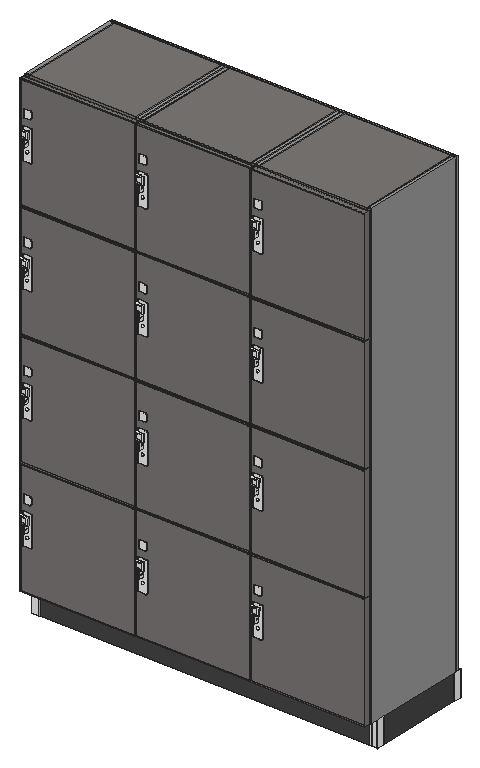
Revit family "Wood_Lockers_Hasps-Salsbury_Industries-18_44000_Series-3_Wide_Units.rfa", category Specialty Equipment, Revit 2016 (continued)
Definition of nested family "Premier Locker Doors_Hasp"
  Lines and regions (in)
    symbolic lines
      curve 20: line (-7.8125, 0.625, 69) -> (-7.8125, 0.625, 68.5)
      curve 21: line (-7.8125, 0.625, 68.5) -> (-7.8125, 0.375, 68.5)
      curve 22: line (-7.8125, 0.375, 3.25) -> (-7.8125, 0.625, 3.25)
      curve 23: line (-7.8125, 0.625, 3.25) -> (-7.8125, 0.625, 2.75)
      curve 24: line (-7.8125, 0.625, 2.75) -> (-7.8125, 0.375, 2.75)
      curve 25: line (-7.8125, 0.375, 36.125) -> (-7.8125, 0.625, 36.125)
      curve 26: line (-7.8125, 0.625, 36.125) -> (-7.8125, 0.625, 35.625)
      curve 27: line (-7.8125, 0.625, 35.625) -> (-7.8125, 0.375, 35.625)
      curve 28: line (-8.5625, -0.375, 71.625) -> (-7.0625, -0.375, 71.625)
      curve 29: line (-8.4375, -1.125, 38.3125) -> (-7.1875, -1.125, 38.3125)
      curve 30: arc (-7.0625, -1.125, 38.1875) -> (-7.09911, -1.125, 38.27589) -> (-7.1875, -1.125, 38.3125) r 0.125
      curve 31: arc (-8.4375, -1.125, 38.3125) -> (-8.52589, -1.125, 38.27589) -> (-8.5625, -1.125, 38.1875) r 0.125
      curve 32: line (-8.5625, -1.125, 33.5625) -> (-8.5625, -1.125, 38.1875)
      curve 33: line (-7.0625, -1.125, 38.1875) -> (-7.0625, -1.125, 33.5625)
      curve 34: arc (-7.1875, -1.125, 33.4375) -> (-7.09911, -1.125, 33.47411) -> (-7.0625, -1.125, 33.5625) r 0.125
      curve 35: arc (-8.5625, -1.125, 33.5625) -> (-8.52589, -1.125, 33.47411) -> (-8.4375, -1.125, 33.4375) r 0.125
      curve 36: line (-7.1875, -1.125, 33.4375) -> (-8.4375, -1.125, 33.4375)
      curve 37: arc (-7.6245, -1.125, 36.6245) -> (-7.8125, -1.125, 36.8125) -> (-8.0005, -1.125, 36.6245) r 0.188
      curve 38: arc (-8.0005, -1.125, 35.7505) -> (-7.8125, -1.125, 35.5625) -> (-7.6245, -1.125, 35.7505) r 0.188
      curve 39: line (-7.6245, -1.125, 36.6245) -> (-7.6245, -1.125, 35.7505)
      curve 40: line (-8.0005, -1.125, 35.7505) -> (-8.0005, -1.125, 36.6245)
      curve 41: line (-7.1875, -1.125, 36.9375) -> (-8.4375, -1.125, 36.9375)
      curve 42: line (-7.1875, -1.125, 38.1875) -> (-7.1875, -1.125, 36.9375)
      curve 43: line (-8.4375, -1.125, 36.9375) -> (-8.4375, -1.125, 38.1875)
      curve 44: line (-8.4375, -1.125, 38.1875) -> (-7.1875, -1.125, 38.1875)
      curve 45: line (-7.8755, -1.125, 36.6844) -> (-7.7495, -1.125, 36.6844)
      curve 46: line (-7.7495, -1.125, 36.6844) -> (-7.7495, -1.125, 35.6844)
      curve 47: line (-7.8755, -1.125, 35.6844) -> (-7.8755, -1.125, 36.6844)
      curve 48: line (-7.7495, -1.125, 35.6844) -> (-7.8755, -1.125, 35.6844)
      curve 49: line (-7.8125, -1, 36.6844) -> (-7.8125, -0.375, 36.6844)
      curve 50: line (-7.8125, -1, 35.6844) -> (-7.8125, -1, 36.6844)
      curve 51: line (-7.8125, -0.375, 35.6844) -> (-7.8125, -1, 35.6844)
      curve 52: arc (-7.8125, -0.91637, 36.1844) -> (-7.8125, -0.66637, 36.4344) -> (-7.8125, -0.41637, 36.1844) r 0.25
      curve 53: arc (-7.8125, -0.41637, 36.1844) -> (-7.8125, -0.66637, 35.9344) -> (-7.8125, -0.91637, 36.1844) r 0.25
      curve 54: line (-7.8125, -0.375, 37.31817) -> (-7.8125, -0.61642, 37.31817)
      curve 55: arc (-7.8125, -0.77297, 37.19215) -> (-7.8125, -0.71691, 37.28275) -> (-7.8125, -0.61642, 37.31817) r 0.16024
      curve 56: arc (-7.8125, -0.97289, 36.9375) -> (-7.8125, -0.84441, 37.04244) -> (-7.8125, -0.77297, 37.19215) r 0.37946
      curve 57: spline (-7.8125, -1.121, 37.15954) -> (-7.8125, -1.11621, 37.12873) -> (-7.8125, -1.10963, 37.09911) -> (-7.8125, -1.10135, 37.07107) -> (-7.8125, -1.09147, 37.04495) -> (-7.8125, -1.0801, 37.02108) -> (-7.8125, -1.0674, 36.99975) -> (-7.8125, -1.05352, 36.98123) -> (-7.8125, -1.03864, 36.96575) -> (-7.8125, -1.02293, 36.95351) -> (-7.8125, -1.0066, 36.94465) -> (-7.8125, -0.98985, 36.93929) -> (-7.8125, -0.97289, 36.9375)
      curve 58: line (-7.8125, -1.125, 37.15954) -> (-7.8125, -1.125, 37.96546)
      curve 59: spline (-7.8125, -1.121, 37.96546) -> (-7.8125, -1.11621, 37.99627) -> (-7.8125, -1.10963, 38.02589) -> (-7.8125, -1.10135, 38.05393) -> (-7.8125, -1.09147, 38.08005) -> (-7.8125, -1.0801, 38.10392) -> (-7.8125, -1.0674, 38.12525) -> (-7.8125, -1.05352, 38.14377) -> (-7.8125, -1.03864, 38.15925) -> (-7.8125, -1.02293, 38.17149) -> (-7.8125, -1.0066, 38.18035) -> (-7.8125, -0.98985, 38.18571) -> (-7.8125, -0.97289, 38.1875)
      curve 60: arc (-7.8125, -0.97289, 38.1875) -> (-7.8125, -0.84441, 38.08256) -> (-7.8125, -0.77297, 37.93285) r 0.37946
      curve 61: arc (-7.8125, -0.77297, 37.93285) -> (-7.8125, -0.71691, 37.84225) -> (-7.8125, -0.61642, 37.80683) r 0.16024
      curve 62: line (-7.8125, -0.61642, 37.80683) -> (-7.8125, -0.375, 37.80683)
      curve 63: line (-8.05683, -0.61642, 71.625) -> (-8.05683, -0.375, 71.625)
      curve 64: arc (-8.18285, -0.77297, 71.625) -> (-8.09225, -0.71691, 71.625) -> (-8.05683, -0.61642, 71.625) r 0.16024
      curve 65: arc (-8.4375, -0.97289, 71.625) -> (-8.33256, -0.84441, 71.625) -> (-8.18285, -0.77297, 71.625) r 0.37946
      curve 66: line (-7.40954, -1.125, 71.625) -> (-8.21546, -1.125, 71.625)
      curve 67: spline (-7.40954, -1.121, 71.625) -> (-7.37873, -1.11621, 71.625) -> (-7.34911, -1.10963, 71.625) -> (-7.32107, -1.10135, 71.625) -> (-7.29495, -1.09147, 71.625) -> (-7.27108, -1.0801, 71.625) -> (-7.24975, -1.0674, 71.625) -> (-7.23123, -1.05352, 71.625) -> (-7.21575, -1.03864, 71.625) -> (-7.20351, -1.02293, 71.625) -> (-7.19465, -1.0066, 71.625) -> (-7.18929, -0.98985, 71.625) -> (-7.1875, -0.97289, 71.625)
      curve 68: arc (-7.1875, -0.97289, 71.625) -> (-7.29244, -0.84441, 71.625) -> (-7.44215, -0.77297, 71.625) r 0.37946
      curve 69: arc (-7.44215, -0.77297, 71.625) -> (-7.53275, -0.71691, 71.625) -> (-7.56817, -0.61642, 71.625) r 0.16024
      curve 70: line (-7.56817, -0.375, 71.625) -> (-7.56817, -0.61642, 71.625)
      curve 71: spline (-8.21546, -1.121, 71.625) -> (-8.24627, -1.11621, 71.625) -> (-8.27589, -1.10963, 71.625) -> (-8.30393, -1.10135, 71.625) -> (-8.33005, -1.09147, 71.625) -> (-8.35392, -1.0801, 71.625) -> (-8.37525, -1.0674, 71.625) -> (-8.39377, -1.05352, 71.625) -> (-8.40925, -1.03864, 71.625) -> (-8.42149, -1.02293, 71.625) -> (-8.43035, -1.0066, 71.625) -> (-8.43571, -0.98985, 71.625) -> (-8.4375, -0.97289, 71.625)
    reference lines
      curve 72: line (-8.9375, 0, 71.75) -> (8.3435, 0, 71.75)
      curve 73: line (8.3435, 0, 71.75) -> (-8.9375, 0, 71.75)
  Dimensions and locks (in)
    equal spacing: plane 4 "Left Side of Door", plane 3 "Center (Left/Right)", plane 5 "Right Side of Door"
    "Width": plane 4 "Left Side of Door" to plane 5 "Right Side of Door"
    equal spacing: plane 7 "Front of Door", plane 1 "Center (Front/Back)", plane 6 "Back of Door"
    "Depth": plane 7 "Front of Door" to plane 6 "Back of Door"
    equal spacing: plane 9 "Top of Door", plane 10 "Center of Door", plane 8 "Bottom of Door"
    "Height": plane 9 "Top of Door" to plane 8 "Bottom of Door"
    equal spacing: plane 11 "Top of Number Tag", plane 16 "Center of Number Tag", plane 12 "Bottom of Number Tag"
    "Number Tag Height": plane 11 "Top of Number Tag" to plane 12 "Bottom of Number Tag"
    equal spacing: plane 14 "Right Side of Number Tag", plane 15 "Horizontal Center of Number Tag", plane 13 "Left Side of Number Tag"
    "Number Tag Width": plane 14 "Right Side of Number Tag" to plane 13 "Left Side of Number Tag"
    "Number Tag-Horizontal Offset": plane 15 "Horizontal Center of Number Tag" to plane 5 "Right Side of Door"
    "Number Tag-Vertical Offset": plane 9 "Top of Door" to plane 16 "Center of Number Tag"
    "Lock Horizontal Offset": plane 4 "Left Side of Door" to plane 17 "Left Side of Lock"
    equal spacing: plane 20 "Top of Lock", plane 19 "Lock Vertical Center", plane 21 "Bottom of Lock"
    "Lock Height": plane 20 "Top of Lock" to plane 21 "Bottom of Lock"
    "Lock Vertical Offset": plane 9 "Top of Door" to plane 19 "Lock Vertical Center"
    plane 22 "Front of Hasp Stud" to plane 7 "Front of Door" = 0.125"
    locked: plane 24 "Right Side of Door-Left Side of Trim" to plane 5 "Right Side of Door" at 0.125
    locked: plane 4 "Left Side of Door" to plane 23 "Left Side of Door-Right Side of Trim" at 0.125
    locked: plane 9 "Top of Door" to plane 25 "Top of Door-Bottom of Trim" at 0.125
    plane 26 "Bottom of Door-Top of Trim" to plane 8 "Bottom of Door" = 0.125"
    plane 28 "Melamine-Particleboard Line" to plane 6 "Back of Door" = 0.031"
    plane 7 "Front of Door" to plane 27 "Laminate-Particleboard Line" = 0.031"
    plane 27 "Laminate-Particleboard Line" to plane 29 "Back of Number Plate Inset" = 0.031"
    equal spacing: plane 18 "Right Side of Lock", plane 30 "Center of Lock", plane 17 "Left Side of Lock", locked at 0.75 each
    "Lock Width": plane 18 "Right Side of Lock" to plane 17 "Left Side of Lock"
    plane 22 "Front of Hasp Stud" to plane 31 = 0.312"
    plane 6 "Back of Door" to plane 32 "Door Stopper Plane" = 0.250"
    locked: plane 23 "Left Side of Door-Right Side of Trim" to plane 33 at 0.325
    locked: plane 25 "Top of Door-Bottom of Trim" to plane 34 at 0.325
    locked: plane 9 "Top of Door" to plane 35 "Top Hinge" at 3
    plane 36 to plane 5 "Right Side of Door" = 0.625"
    plane 6 "Back of Door" to plane 28 "Melamine-Particleboard Line" = 0.031"
    plane 9 "Top of Door" to plane 25 "Top of Door-Bottom of Trim" = 0.125"
    plane 7 "Front of Door" to plane 38 "Inner Knob" = 0.719"
    locked: plane 38 "Inner Knob" to plane 39 "Front of Knob" at 0.031
    locked: plane 40 to plane 20 "Top of Lock" at 1.125
    locked: plane 21 "Bottom of Lock" to plane 41 at 1.125
    locked: plane 20 "Top of Lock" to plane 42 at 0.125
    locked: plane 18 "Right Side of Lock" to plane 43 at 0.125
    locked: plane 44 to plane 17 "Left Side of Lock" at 0.125
    plane 42 to plane 45 = 1.250"
    locked: plane 45 to plane 46 "Top of Hole" at 0.125
    plane 48 to plane 30 "Center of Lock" to plane 47 = 0.188" locked, 0.188" locked
    locked: plane 46 "Top of Hole" to plane 49 "Bottom of Hole" at 1.25
    plane 49 "Bottom of Hole" to plane 50 "Stud Alignment" = 0.750"
    locked: plane 42 to plane 51 "Center of Handle" at 0.625
    plane 52 to plane 51 "Center of Handle" to plane 53 = 0.188" locked, 0.188" locked
    plane 7 "Front of Door" to plane 39 "Front of Knob" = 0.750"
    locked: plane 42 to plane 54 at 0.22204
    locked: plane 55 to plane 45 at 0.22204
    locked: plane 7 "Front of Door" to plane 56 "Front of Latch" at 0.625
    locked: plane 57 to plane 58 at 1
    locked: plane 46 "Top of Hole" to plane 57 at 0.1281
    equal spacing: plane 58, plane 59, plane 57
    locked: plane 60 to plane 5 "Right Side of Door" at 0.594
    locked: plane 57 to plane 61 at 0.0599
    locked: plane 62 to plane 58 at 0.06376
    plane 12 "Bottom of Number Tag" to plane 20 "Top of Lock" = 1.1875"
    aligned and locked: level to plane 2
    aligned and locked: Extrusion 5 to plane 11 "Top of Number Tag"
    aligned and locked: plane 12 "Bottom of Number Tag" to Extrusion 5
    aligned and locked: Extrusion 5 to plane 14 "Right Side of Number Tag"
    aligned and locked: Extrusion 5 to plane 13 "Left Side of Number Tag"
    aligned and locked: plane 29 "Back of Number Plate Inset" to Extrusion 5
    aligned and locked: plane 7 "Front of Door" to Extrusion 5
    aligned and locked: plane 29 "Back of Number Plate Inset" to Extrusion 6
    aligned and locked: plane 7 "Front of Door" to Extrusion 6
    aligned and locked: Extrusion 6 to plane 14 "Right Side of Number Tag"
    aligned and locked: Extrusion 6 to plane 13 "Left Side of Number Tag"
    aligned and locked: Extrusion 6 to plane 11 "Top of Number Tag"
    aligned and locked: plane 12 "Bottom of Number Tag" to Extrusion 6
    aligned and locked: curve 9 to Extrusion 8
    aligned and locked: curve 10 to Extrusion 8
    aligned and locked: curve 11 to Extrusion 8
    aligned and locked: Extrusion 7 to curve 12
    aligned and locked: curve 14 to Extrusion 7
    aligned and locked: curve 16 to plane 7 "Front of Door"
    aligned and locked: curve 19 to Extrusion 8  (x2)
    aligned and locked: curve 21 to Extrusion 8
    aligned and locked: curve 18 to curve 22
    aligned and locked: curve 22 to Extrusion 9  (x2)
    aligned and locked: curve 24 to Extrusion 9
    aligned and locked: curve 25 to Extrusion 10
    aligned and locked: curve 26 to Extrusion 10
    aligned and locked: curve 27 to Extrusion 10
    aligned and locked: plane 20 "Top of Lock" to Extrusion 11 sketch curve
    aligned and locked: Extrusion 11 sketch curve to plane 21 "Bottom of Lock"
    aligned and locked: Extrusion 11 to plane 29 "Back of Number Plate Inset"
    aligned and locked: plane 7 "Front of Door" to Extrusion 11
    aligned and locked: Extrusion 3 to Extrusion 11
    aligned and locked: Sweep 14 to plane 50 "Stud Alignment"  (x2)
    aligned and locked: Extrusion 15 to plane 7 "Front of Door"
    aligned and locked: Extrusion 15 to plane 22 "Front of Hasp Stud"
    aligned and locked: Extrusion 15 to plane 50 "Stud Alignment"
    aligned and locked: Blend 17 to plane 39 "Front of Knob"
    aligned and locked: plane 38 "Inner Knob" to Blend 17
    aligned and locked: plane 6 "Back of Door" to Extrusion 18 sketch curve
    aligned and locked: plane 56 "Front of Latch" to Extrusion 18 sketch curve
    aligned and locked: Extrusion 18 to plane 57
    aligned and locked: plane 58 to Extrusion 18
    aligned and locked: plane 59 to cut or joined group of Extrusion 18, Extrusion 19
    aligned and locked: Extrusion 13 sketch curve to plane 61  (x2)
    aligned and locked: Extrusion 13 sketch curve to plane 62  (x2)
  Automatic sketch dimensions
    Extrusion 1 sketch curve to plane 4 "Left Side of Door" = 0.031"
    plane 5 "Right Side of Door" to Extrusion 1 sketch curve = 0.031"
    level to Extrusion 1 sketch curve = 0.031"
    plane 9 "Top of Door" to Extrusion 1 sketch curve = 0.031"
    Extrusion 2 sketch curve to plane 4 "Left Side of Door" = 0.031"
    plane 5 "Right Side of Door" to Extrusion 2 sketch curve = 0.031"
    level to Extrusion 2 sketch curve = 0.031"
    plane 9 "Top of Door" to Extrusion 2 sketch curve = 0.031"
    Extrusion 3 sketch curve to plane 4 "Left Side of Door" = 0.031"
    plane 5 "Right Side of Door" to Extrusion 3 sketch curve = 0.031"
    level to Extrusion 3 sketch curve = 0.031"
    plane 9 "Top of Door" to Extrusion 3 sketch curve = 0.031"
    plane 23 "Left Side of Door-Right Side of Trim" to Sweep 4 sketch curve = 0.000"
    plane 24 "Right Side of Door-Left Side of Trim" to Sweep 4 sketch curve = 0.000"  (x2)
    Sweep 4 sketch curve to plane 26 "Bottom of Door-Top of Trim" = 0.000"
    Sweep 4 sketch curve to plane 25 "Top of Door-Bottom of Trim" = 0.000"
    profile plane to Sweep 4 sketch curve = 0.125"
    Sweep 4 sketch curve to Sweep 4 sketch curve = 0.031"
    Sweep 4 sketch curve to plane 1 "Center (Front/Back)" = 0.375"
    plane 1 "Center (Front/Back)" to Sweep 4 sketch curve = 0.375"
    Extrusion 7 sketch curve to plane 33 = 0.000"
    Extrusion 7 sketch curve to plane 34 = 0.000"
    plane 36 to Extrusion 8 sketch curve = 0.000"
    Extrusion 8 sketch curve to Extrusion 8 sketch curve = 0.500"
    plane 35 "Top Hinge" to Extrusion 8 sketch curve = 0.250"
    Extrusion 8 sketch curve to plane 35 "Top Hinge" = 0.250"
    plane 36 to Extrusion 9 sketch curve = 0.000"
    Extrusion 9 sketch curve to Extrusion 9 sketch curve = 0.500"
    plane 37 "Bottom Hinge" to Extrusion 9 sketch curve = 0.250"
    Extrusion 9 sketch curve to plane 37 "Bottom Hinge" = 0.250"
    plane 36 to Extrusion 10 sketch curve = 0.000"
    Extrusion 10 sketch curve to Extrusion 10 sketch curve = 0.500"
    curve 4 to level = 0.000"
    plane 4 "Left Side of Door" to curve 4 = 0.000"
    plane 5 "Right Side of Door" to curve 3 = 0.000"
    curve 3 to plane 9 "Top of Door" = 0.000"
    Extrusion 5 sketch curve to plane 13 "Left Side of Number Tag" = 0.000"
    Extrusion 5 sketch curve to plane 12 "Bottom of Number Tag" = 0.000"
    Extrusion 5 sketch curve to plane 11 "Top of Number Tag" = 0.000"
    Extrusion 5 sketch curve to plane 14 "Right Side of Number Tag" = 0.000"
    Extrusion 6 sketch curve to plane 13 "Left Side of Number Tag" = 0.000"
    Extrusion 6 sketch curve to plane 12 "Bottom of Number Tag" = 0.000"
    Extrusion 6 sketch curve to plane 11 "Top of Number Tag" = 0.000"
    Extrusion 6 sketch curve to plane 14 "Right Side of Number Tag" = 0.000"
    Extrusion 11 sketch curve to plane 13 "Left Side of Number Tag" = 0.125"
    Extrusion 10 sketch curve to plane 10 "Center of Door" = 0.250"
    plane 10 "Center of Door" to Extrusion 10 sketch curve = 0.250"
    Extrusion 11 sketch curve to plane 21 "Bottom of Lock" = 0.125"
    plane 13 "Left Side of Number Tag" to Extrusion 5 sketch curve = 0.14916"
    Extrusion 5 sketch curve to Extrusion 5 sketch curve = 0.14916"  (x2)
    plane 13 "Left Side of Number Tag" to Extrusion 6 sketch curve = 0.14916"
    Extrusion 6 sketch curve to plane 12 "Bottom of Number Tag" = 0.14916"
    plane 13 "Left Side of Number Tag" to Extrusion 11 sketch curve = 0.000"  (x2)
    Extrusion 5 sketch curve to plane 12 "Bottom of Number Tag" = 0.14916"
    Extrusion 6 sketch curve to plane 14 "Right Side of Number Tag" = 0.14916"  (x2)
    plane 14 "Right Side of Number Tag" to Extrusion 11 sketch curve = 0.000"  (x2)
    Extrusion 12 sketch curve to plane 17 "Left Side of Lock" = 0.000"
    plane 13 "Left Side of Number Tag" to Extrusion 12 sketch curve = 0.000"  (x2)
    plane 14 "Right Side of Number Tag" to Extrusion 12 sketch curve = 0.000"  (x2)
    Extrusion 12 sketch curve to plane 20 "Top of Lock" = 0.000"
    Extrusion 12 sketch curve to plane 18 "Right Side of Lock" = 0.000"
    Extrusion 12 sketch curve to plane 21 "Bottom of Lock" = 0.125"
    plane 15 "Horizontal Center of Number Tag" to Sweep 14 sketch curve = 0.000"
    Sweep 14 sketch curve to plane 50 "Stud Alignment" = 0.000"
    Sweep 14 sketch curve to plane 7 "Front of Door" = 0.000"
    Sweep 14 sketch curve to profile plane = 0.000"
    profile plane to Sweep 14 sketch curve = 0.00168"
    profile plane to Sweep 14 sketch curve = 0.156"
    Sweep 14 sketch curve to plane 7 "Front of Door" = 0.03275"
    Extrusion 15 sketch curve to Extrusion 15 sketch curve = 0.000"  (x2)
    Extrusion 15 sketch curve to plane 50 "Stud Alignment" = 0.000"
    plane 15 "Horizontal Center of Number Tag" to Extrusion 15 sketch curve = 0.000"
    plane 15 "Horizontal Center of Number Tag" to Extrusion 15 sketch curve = 0.010"
    plane 13 "Left Side of Number Tag" to Sweep 16 sketch curve = 0.000"
    plane 14 "Right Side of Number Tag" to Sweep 16 sketch curve = 0.000"
    Sweep 16 sketch curve to plane 45 = 0.000"
    Sweep 16 sketch curve to plane 42 = 0.000"
    Sweep 16 sketch curve to plane 7 "Front of Door" = 0.000"
    profile plane to Sweep 16 sketch curve = 0.000"
    profile plane to Sweep 16 sketch curve = 0.22043"
    Sweep 16 sketch curve to Sweep 16 sketch curve = 0.01681"
    profile plane to Sweep 16 sketch curve = 0.33926"
    Sweep 16 sketch curve to Sweep 16 sketch curve = 0.14344"
    Sweep 16 sketch curve to Sweep 16 sketch curve = 0.15329"
    Sweep 16 sketch curve to Sweep 16 sketch curve = 0.59563"
    Sweep 16 sketch curve to Sweep 16 sketch curve = 0.24142"
    Sweep 16 sketch curve to Sweep 16 sketch curve = 0.00858"
    Sweep 16 sketch curve to Sweep 16 sketch curve = 0.51788"
    Sweep 16 sketch curve to Sweep 16 sketch curve = 0.31119"
    Sweep 16 sketch curve to Sweep 16 sketch curve = 0.11721"
    Sweep 16 sketch curve to Sweep 16 sketch curve = 0.01742"
    Sweep 16 sketch curve to Sweep 16 sketch curve = 0.06553"
    Sweep 16 sketch curve to Sweep 16 sketch curve = 0.000"
    Blend 17 sketch curve to plane 54 = 0.000"
    Blend 17 sketch curve to plane 55 = 0.000"
    Blend 17 sketch curve to plane 47 = 0.21496"
    plane 48 to Blend 17 sketch curve = 0.21496"
    plane 54 to Blend 17 sketch curve = 0.03267"
    Blend 17 sketch curve to plane 40 = 0.00461"
    Blend 17 sketch curve to plane 47 = 0.18235"
    plane 48 to Blend 17 sketch curve = 0.18227"
    Extrusion 18 sketch curve to plane 57 = 0.000"
    Extrusion 18 sketch curve to plane 58 = 0.000"
    plane 59 to Extrusion 19 sketch curve = 0.000"
    Extrusion 19 sketch curve to plane 22 "Front of Hasp Stud" = 0.16637"
    curve 29 to plane 14 "Right Side of Number Tag" = 0.000"
    curve 29 to plane 20 "Top of Lock" = 0.000"
    curve 30 to plane 18 "Right Side of Lock" = 0.000"
    curve 29 to plane 13 "Left Side of Number Tag" = 0.000"
    curve 31 to plane 42 = 0.000"
    curve 32 to plane 21 "Bottom of Lock" = 0.125"
    curve 34 to plane 14 "Right Side of Number Tag" = 0.000"
    curve 35 to plane 13 "Left Side of Number Tag" = 0.000"
    plane 15 "Horizontal Center of Number Tag" to curve 37 = 0.000"
    plane 47 to curve 37 = 0.000"
    plane 57 to curve 37 = 0.0599"
    curve 39 to plane 58 = 0.0661"
    curve 42 to plane 14 "Right Side of Number Tag" = 0.000"
    curve 41 to plane 13 "Left Side of Number Tag" = 0.000"
    curve 41 to plane 45 = 0.000"
    curve 43 to plane 42 = 0.000"
    curve 46 to plane 57 = 0.000"
    curve 46 to plane 15 "Horizontal Center of Number Tag" = 0.063"
    plane 15 "Horizontal Center of Number Tag" to curve 45 = 0.063"
    curve 47 to plane 58 = 0.000"
    curve 15 to plane 6 "Back of Door" = 0.000"
    plane 9 "Top of Door" to curve 15 = 0.000"
    plane 57 to curve 49 = 0.000"
    curve 51 to plane 56 "Front of Latch" = 0.000"
    plane 58 to curve 51 = 0.000"
    curve 17 to level = 0.000"
    plane 59 to curve 52 = 0.000"
    curve 53 to plane 22 "Front of Hasp Stud" = 0.16637"
    plane 7 "Front of Door" to curve 53 = 0.04137"
    plane 53 to curve 54 = 0.05633"
    curve 54 to plane 22 "Front of Hasp Stud" = 0.11642"
    plane 55 to curve 55 = 0.00161"
    curve 55 to plane 40 = 0.00465"
    plane 45 to curve 56 = 0.000"
    curve 56 to plane 39 "Front of Knob" = 0.01788"
    curve 56 to plane 40 = 0.08926"
    plane 55 to curve 57 = 0.000"
    curve 57 to plane 40 = 0.03757"
    plane 39 "Front of Knob" to curve 57 = 0.004"
    plane 42 to curve 60 = 0.000"
    curve 58 to plane 39 "Front of Knob" = 0.000"
    plane 54 to curve 58 = 0.000"
    plane 54 to curve 59 = 0.000"
    plane 55 to curve 58 = 0.000"
    curve 60 to plane 39 "Front of Knob" = 0.01788"
    curve 60 to plane 52 = 0.09774"
    plane 54 to curve 60 = 0.03261"
    plane 56 "Front of Latch" to curve 59 = 0.02711"
    plane 54 to curve 59 = 0.06553"
    plane 39 "Front of Knob" to curve 59 = 0.004"
    curve 61 to plane 54 = 0.00161"
    curve 61 to plane 22 "Front of Hasp Stud" = 0.11642"
    plane 6 "Back of Door" to curve 9 = 0.000"
    curve 6 to plane 4 "Left Side of Door" = 0.000"
    plane 7 "Front of Door" to curve 6 = 0.000"
    plane 7 "Front of Door" to curve 28 = 0.000"
    curve 67 to plane 14 "Right Side of Number Tag" = 0.000"
    curve 65 to plane 13 "Left Side of Number Tag" = 0.000"
    curve 66 to plane 39 "Front of Knob" = 0.000"
    curve 28 to plane 17 "Left Side of Lock" = 0.000"
    curve 28 to plane 18 "Right Side of Lock" = 0.000"
    curve 8 to plane 5 "Right Side of Door" = 0.000"
    curve 64 to plane 22 "Front of Hasp Stud" = 0.11642"
    curve 69 to plane 22 "Front of Hasp Stud" = 0.11642"
    curve 68 to plane 39 "Front of Knob" = 0.01788"
    curve 65 to plane 39 "Front of Knob" = 0.01788"
    curve 14 to plane 23 "Left Side of Door-Right Side of Trim" = 0.07537"
    plane 48 to curve 64 = 0.21657"
    plane 48 to curve 65 = 0.09774"
    plane 48 to curve 63 = 0.05633"
    curve 70 to plane 47 = 0.05633"
    curve 68 to plane 47 = 0.09774"
    curve 69 to curve 69 = 0.16024"
    curve 64 to curve 65 = 0.15655"
    curve 69 to curve 68 = 0.15655"
    plane 39 "Front of Knob" to curve 67 = 0.004"
    plane 33 to curve 14 = 0.250"
    curve 66 to curve 65 = 0.11721"
    curve 67 to plane 47 = 0.14943"
    curve 68 to curve 66 = 0.11721"
    curve 67 to curve 66 = 0.000"
    plane 39 "Front of Knob" to curve 71 = 0.004"
    curve 71 to curve 66 = 0.000"
    plane 48 to curve 71 = 0.14943"
    plane 1 "Center (Front/Back)" to curve 73 = 0.000"
    curve 73 to plane 4 "Left Side of Door" = 0.000"
    curve 73 to plane 60 = 0.000"
    plane 48 to Extrusion 13 sketch curve = 0.000"
    plane 15 "Horizontal Center of Number Tag" to Extrusion 13 sketch curve = 0.000"
    radius of Extrusion 7 sketch curve = 0.250"
    radius of Sweep 14 sketch curve = 0.010"
    radius of Extrusion 19 sketch curve = 0.250"
Definition of nested family "Wood Locker Bases"
  Parameters (values of type "Base - 18" W x 18" D Lockers")
    Width = 18.000"
    Visible Base = yes
    Visible = no
    Model = "Base - 18\" W x 18\" D Lockers"
    Manufacturer = "Salsbury Industries"
    Height = 4.000"
    Depth = 16.250"
    Base Secondary Material = none
    Base Primary Materials = none
    Base Hardware = none
  Types (8): name | Width | Visible Base | Visible | Model | Depth
    (no name) | 18.000" | yes | no | "Base - 18\" W x 18\" D Lockers" | 16.250"
    Base - 18" W x 18" D Lockers | 18.000" | yes | no | "Base - 18\" W x 18\" D Lockers" | 16.250"
    Base - 18" W x 21" D Lockers | 18.000" | yes | no | "Base - 18\" W x 21\" D Lockers" | 19.250"
    Base - 18" W x 24" D Lockers | 18.000" | yes | no | "Base - 18\" W x 24\" D Lockers" | 22.250"
    Base - 54" W x 18" D Lockers | 54.000" | yes | yes | "Base - 54\" W x 18\" D Lockers" | 16.250"
    Base - 54" W x 21" D Lockers | 54.000" | yes | yes | "Base - 54\" W x 21\" D Lockers" | 19.250"
    Base - 54" W x 24" D Lockers | 54.000" | yes | yes | "Base - 54\" W x 24\" D Lockers" | 22.250"
    None | 12.000" | no | no | "Base - 12\" W x 15\" D Lockers" | 13.250"
  Reference planes (in)
    plane 1 "Center (Front/Back)": y = 0
    plane 2: z = 0
    plane 3 "Center (Left/Right)": x = 0
    plane 4 "Left Edge": x = -9
    plane 5 "Right Edge": x = 9
    plane 6 "Back Edge": y = 8.125
    plane 7 "Front Edge": y = -8.125
    plane 8 "Bottom Edge": z = 0
    plane 9 "Top Edge": z = 4
    plane 10: x = -7.75
    plane 11: x = -7.102
    plane 12: y = 8.062
    plane 13: y = 7.3
    plane 14: x = -8.131
    plane 15: x = -8.256
    plane 16: x = -8.937
    plane 17: x = -8.175
    plane 18: y = 6.227
    plane 19: y = 6.875
    plane 20: y = 7.256
    plane 21: y = 7.381
    plane 22: x = -8.931
    plane 23: x = 8.931
    plane 24: y = 8.056
    plane 25: y = -8.056
    plane 26: y = 8.025
    plane 27: y = -8.025
    plane 28: x = -8.9
    plane 29: x = 8.9
    plane 30: x = -2.375
    plane 31: x = 2.375
  Forms (in)
    Extrusion 1, solid, material <- "Base Hardware", visible <- "Visible Base"
      sketch origin (0, 0, 0) x (1, 0, 0) y (0, 1, 0)
        loop
          arc (-8.96712, 8.125) -> (-8.99098, 8.11598) -> (-9, 8.09212) r 0.031
          line (-9, 8.09212) -> (-9, 6.9065)
          arc (-9, 6.9065) -> (-8.9685, 6.875) -> (-8.937, 6.9065) r 0.0315
          line (-8.937, 6.9065) -> (-8.937, 7.256) -> (-8.837, 7.256) -> (-8.837, 7.319) -> (-8.937, 7.319) -> (-8.937, 8.01465) -> (-8.256, 7.33365) -> (-8.256, 7.256) -> (-8.175, 7.256) -> (-8.175, 6.25833)
          arc (-8.175, 6.25833) -> (-8.14367, 6.227) -> (-8.11235, 6.25833) r 0.03133
          line (-8.11235, 6.25833) -> (-8.11235, 7.23703) -> (-7.13348, 7.23703)
          arc (-7.13348, 7.23703) -> (-7.102, 7.26852) -> (-7.13348, 7.3) r 0.03148
          line (-7.13348, 7.3) -> (-8.131, 7.3) -> (-8.131, 7.381) -> (-8.21422, 7.381) -> (-8.89522, 8.062) -> (-8.194, 8.062) -> (-8.194, 7.962) -> (-8.131, 7.962) -> (-8.131, 8.062) -> (-7.7814, 8.062)
          arc (-7.7814, 8.062) -> (-7.7499, 8.0935) -> (-7.7814, 8.125) r 0.0315
          line (-7.7814, 8.125) -> (-8.96712, 8.125)
      from 0 to 4
    Extrusion 2, solid, material <- "Base Hardware", visible <- "Visible Base"
      sketch origin (0, 0, 0) x (-1, 0, 0) y (0, -1, 0)
        loop
          line (-8.96712, -8.125) -> (-7.7814, -8.125)
          arc (-7.7814, -8.125) -> (-7.7499, -8.0935) -> (-7.7814, -8.062) r 0.0315
          line (-7.7814, -8.062) -> (-8.131, -8.062) -> (-8.131, -7.962) -> (-8.194, -7.962) -> (-8.194, -8.062) -> (-8.89522, -8.062) -> (-8.21422, -7.381) -> (-8.131, -7.381) -> (-8.131, -7.3) -> (-7.13348, -7.3)
          arc (-7.13348, -7.3) -> (-7.102, -7.26852) -> (-7.13348, -7.23703) r 0.03148
          line (-7.13348, -7.23703) -> (-8.11235, -7.23703) -> (-8.11235, -6.25833)
          arc (-8.11235, -6.25833) -> (-8.14367, -6.227) -> (-8.175, -6.25833) r 0.03133
          line (-8.175, -6.25833) -> (-8.175, -7.256) -> (-8.256, -7.256) -> (-8.256, -7.33365) -> (-8.937, -8.01465) -> (-8.937, -7.319) -> (-8.837, -7.319) -> (-8.837, -7.256) -> (-8.937, -7.256) -> (-8.937, -6.9065)
          arc (-8.937, -6.9065) -> (-8.9685, -6.875) -> (-9, -6.9065) r 0.0315
          line (-9, -6.9065) -> (-9, -8.09212)
          arc (-9, -8.09212) -> (-8.99098, -8.11598) -> (-8.96712, -8.125) r 0.031
      from 0 to 4
    Extrusion 3, solid, material <- "Base Hardware", visible <- "Visible Base"
      sketch origin (0, 0, 0) x (1, 0, 0) y (0, 1, 0)
        loop
          line (-8.96712, -8.125) -> (-7.7814, -8.125)
          arc (-7.7814, -8.125) -> (-7.7499, -8.0935) -> (-7.7814, -8.062) r 0.0315
          line (-7.7814, -8.062) -> (-8.131, -8.062) -> (-8.131, -7.962) -> (-8.194, -7.962) -> (-8.194, -8.062) -> (-8.89522, -8.062) -> (-8.21422, -7.381) -> (-8.131, -7.381) -> (-8.131, -7.3) -> (-7.13348, -7.3)
          arc (-7.13348, -7.3) -> (-7.102, -7.26852) -> (-7.13348, -7.23703) r 0.03148
          line (-7.13348, -7.23703) -> (-8.11235, -7.23703) -> (-8.11235, -6.25833)
          arc (-8.11235, -6.25833) -> (-8.14367, -6.227) -> (-8.175, -6.25833) r 0.03133
          line (-8.175, -6.25833) -> (-8.175, -7.256) -> (-8.256, -7.256) -> (-8.256, -7.33365) -> (-8.937, -8.01465) -> (-8.937, -7.319) -> (-8.837, -7.319) -> (-8.837, -7.256) -> (-8.937, -7.256) -> (-8.937, -6.9065)
          arc (-8.937, -6.9065) -> (-8.9685, -6.875) -> (-9, -6.9065) r 0.0315
          line (-9, -6.9065) -> (-9, -8.09212)
          arc (-9, -8.09212) -> (-8.99098, -8.11598) -> (-8.96712, -8.125) r 0.031
      from 0 to 4
    Extrusion 4, solid, material <- "Base Hardware", visible <- "Visible Base"
      sketch origin (0, 0, 0) x (-1, 0, 0) y (0, -1, 0)
        loop
          arc (-8.96712, 8.125) -> (-8.99098, 8.11598) -> (-9, 8.09212) r 0.031
          line (-9, 8.09212) -> (-9, 6.9065)
          arc (-9, 6.9065) -> (-8.9685, 6.875) -> (-8.937, 6.9065) r 0.0315
          line (-8.937, 6.9065) -> (-8.937, 7.256) -> (-8.837, 7.256) -> (-8.837, 7.319) -> (-8.937, 7.319) -> (-8.937, 8.01465) -> (-8.256, 7.33365) -> (-8.256, 7.256) -> (-8.175, 7.256) -> (-8.175, 6.25833)
          arc (-8.175, 6.25833) -> (-8.14367, 6.227) -> (-8.11235, 6.25833) r 0.03133
          line (-8.11235, 6.25833) -> (-8.11235, 7.23703) -> (-7.13348, 7.23703)
          arc (-7.13348, 7.23703) -> (-7.102, 7.26852) -> (-7.13348, 7.3) r 0.03148
          line (-7.13348, 7.3) -> (-8.131, 7.3) -> (-8.131, 7.381) -> (-8.21422, 7.381) -> (-8.89522, 8.062) -> (-8.194, 8.062) -> (-8.194, 7.962) -> (-8.131, 7.962) -> (-8.131, 8.062) -> (-7.7814, 8.062)
          arc (-7.7814, 8.062) -> (-7.7499, 8.0935) -> (-7.7814, 8.125) r 0.0315
          line (-7.7814, 8.125) -> (-8.96712, 8.125)
      from 0 to 4
    Extrusion 5, solid, material <- "Base Secondary Material", visible <- "Visible Base"
      sketch origin (0, 0, 0) x (0, -1, 0) y (1, 0, 0)
        loop
          line (-7.256, 8.9) -> (-7.256, 8.181) -> (7.25697, 8.181) -> (7.25697, 8.9) -> (-7.256, 8.9)
      from 0 to 4
    Extrusion 6, solid, material <- "Base Secondary Material", visible <- "Visible Base"
      sketch origin (0, 0, 0) x (0, -1, 0) y (1, 0, 0)
        loop
          line (-7.256, -8.9) -> (7.25697, -8.9) -> (7.25697, -8.181) -> (-7.256, -8.181) -> (-7.256, -8.9)
      from 0 to 4
    Extrusion 7, solid, material <- "Base Secondary Material", visible <- "Visible Base"
      sketch origin (-2.05521, 0.625, 0) x (1, 0, 0) y (0, 1, 0)
        loop
          line (-6.07579, 7.4) -> (-6.07579, 6.681) -> (10.18621, 6.681) -> (10.18621, 7.4) -> (-6.07579, 7.4)
      from 0 to 4
    Extrusion 8, solid, material <- "Base Secondary Material", visible <- "Visible Base"
      sketch origin (-2.05521, -0.625, 0) x (1, 0, 0) y (0, 1, 0)
        loop
          line (-6.07579, -7.4) -> (10.18621, -7.4) -> (10.18621, -6.681) -> (-6.07579, -6.681) -> (-6.07579, -7.4)
      from 0 to 4
    Extrusion 9, solid, material <- "Base Primary Materials", visible <- "Visible Base"
      sketch origin (0.76452, 0, 0) x (0, -1, 0) y (1, 0, 0)
        loop
          line (-7.256, 8.16648) -> (-7.256, 8.13548) -> (7.25697, 8.13548) -> (7.25697, 8.16648) -> (-7.256, 8.16648)
      from 0 to 4
    Extrusion 10, solid, material <- "Base Primary Materials", visible <- "Visible Base"
      sketch origin (-0.719, 0, 0) x (0, -1, 0) y (1, 0, 0)
        loop
          line (-7.256, -8.212) -> (7.25697, -8.212) -> (7.25697, -8.181) -> (-7.256, -8.181) -> (-7.256, -8.212)
      from 0 to 4
    Extrusion 11, solid, material <- "Base Primary Materials", visible <- "Visible Base"
      sketch origin (-2.05521, 1.344, 0) x (1, 0, 0) y (0, 1, 0)
        loop
          line (-6.07579, 6.718) -> (-6.07579, 6.681) -> (10.18621, 6.681) -> (10.18621, 6.718) -> (-6.07579, 6.718)
      from 0 to 4
    Extrusion 12, solid, material <- "Base Primary Materials", visible <- "Visible Base"
      sketch origin (-2.05521, -1.344, 0) x (1, 0, 0) y (0, 1, 0)
        loop
          line (-6.07579, -6.712) -> (10.18621, -6.712) -> (10.18621, -6.681) -> (-6.07579, -6.681) -> (-6.07579, -6.712)
      from 0 to 4
    Extrusion 13, solid, material <- "Base Secondary Material", visible <- "Visible"
      sketch origin (0, 0, 4) x (0, -1, 0) y (1, 0, 0)
        loop
          line (-7.306, -2.375) -> (7.306, -2.375) -> (7.306, 2.375) -> (-7.306, 2.375) -> (-7.306, -2.375)
      from 0 to -0.75
    Extrusion 14, solid, material <- "Base Secondary Material", visible <- "Visible"
      sketch origin (0, 0, 0) x (0, -1, 0) y (1, 0, 0)
        loop
          line (-7.306, -2.375) -> (-6.556, -2.375) -> (-6.556, 2.375) -> (-7.306, 2.375) -> (-7.306, -2.375)
      from 0 to 3.25
    Extrusion 15, solid, material <- "Base Secondary Material", visible <- "Visible"
      sketch origin (0, 0, 0) x (0, 1, 0) y (-1, 0, 0)
        loop
          line (-7.306, 2.375) -> (-7.306, -2.375) -> (-6.556, -2.375) -> (-6.556, 2.375) -> (-7.306, 2.375)
      from 0 to 3.25
  Dimensions and locks (in)
    equal spacing: plane 4 "Left Edge", plane 3 "Center (Left/Right)", plane 5 "Right Edge"
    "Width": plane 4 "Left Edge" to plane 5 "Right Edge"
    equal spacing: plane 7 "Front Edge", plane 1 "Center (Front/Back)", plane 6 "Back Edge"
    "Depth": plane 7 "Front Edge" to plane 6 "Back Edge"
    "Height": plane 9 "Top Edge" to plane 8 "Bottom Edge"
    locked: plane 4 "Left Edge" to plane 10 at 1.25
    locked: plane 4 "Left Edge" to plane 11 at 1.898
    locked: plane 12 to plane 6 "Back Edge" at 0.063
    plane 14 to plane 10 = 0.381"
    locked: plane 12 to plane 13 at 0.762
    locked: plane 4 "Left Edge" to plane 16 at 0.063
    locked: plane 16 to plane 17 at 0.762
    locked: plane 19 to plane 6 "Back Edge" at 1.25
    locked: plane 18 to plane 6 "Back Edge" at 1.898
    plane 15 to plane 17 = 0.081"
    plane 21 to plane 13 = 0.081"
    plane 19 to plane 20 = 0.381"
    plane 24 to plane 6 "Back Edge" = 0.069"
    plane 7 "Front Edge" to plane 25 = 0.069"
    plane 23 to plane 5 "Right Edge" = 0.069"
    plane 4 "Left Edge" to plane 22 = 0.069"
    plane 26 to plane 24 = 0.031"
    plane 25 to plane 27 = 0.031"
    plane 22 to plane 28 = 0.031"
    plane 29 to plane 23 = 0.031"
    plane 30 to plane 3 "Center (Left/Right)" to plane 31 = 2.375" locked, 2.375" locked
    aligned and locked: level to plane 2
    aligned and locked: plane 30 to Extrusion 13
    aligned and locked: plane 30 to Extrusion 14
    aligned and locked: plane 30 to Extrusion 15
    aligned and locked: Extrusion 13 to plane 31
    aligned and locked: Extrusion 14 to plane 31
    aligned and locked: Extrusion 15 to plane 31
  Automatic sketch dimensions
    Extrusion 1 sketch curve to plane 4 "Left Edge" = 0.000"
    plane 6 "Back Edge" to Extrusion 1 sketch curve = 0.000"
    Extrusion 1 sketch curve to plane 16 = 0.000"  (x2)
    Extrusion 1 sketch curve to plane 12 = 0.000"  (x2)
    plane 20 to Extrusion 1 sketch curve = 0.000"  (x2)
    Extrusion 1 sketch curve to plane 15 = 0.000"
    plane 21 to Extrusion 1 sketch curve = 0.000"
    Extrusion 1 sketch curve to plane 17 = 0.000"
    Extrusion 1 sketch curve to plane 14 = 0.000"  (x2)
    Extrusion 1 sketch curve to plane 13 = 0.000"
    Extrusion 1 sketch curve to plane 4 "Left Edge" = 0.03094"
    plane 16 to Extrusion 1 sketch curve = 0.03012"
    Extrusion 1 sketch curve to plane 28 = 0.00478"
    Extrusion 1 sketch curve to plane 28 = 0.063"
    plane 17 to Extrusion 1 sketch curve = 0.03922"
    plane 17 to Extrusion 1 sketch curve = 0.019"
    plane 14 to Extrusion 1 sketch curve = 0.01267"
    plane 10 to Extrusion 1 sketch curve = 0.0314"
    plane 11 to Extrusion 1 sketch curve = 0.03148"
    plane 20 to Extrusion 1 sketch curve = 0.01897"
    Extrusion 1 sketch curve to plane 19 = 0.0315"
    Extrusion 1 sketch curve to plane 18 = 0.03133"
    plane 13 to Extrusion 1 sketch curve = 0.019"
    plane 13 to Extrusion 1 sketch curve = 0.03365"
    plane 26 to Extrusion 1 sketch curve = 0.063"
    plane 26 to Extrusion 1 sketch curve = 0.01035"
    plane 12 to Extrusion 1 sketch curve = 0.03012"
    Extrusion 2 sketch curve to plane 5 "Right Edge" = 0.000"
    plane 6 "Back Edge" to Extrusion 2 sketch curve = 0.000"
    plane 20 to Extrusion 2 sketch curve = 0.000"  (x2)
    plane 12 to Extrusion 2 sketch curve = 0.000"  (x2)
    plane 21 to Extrusion 2 sketch curve = 0.000"
    plane 13 to Extrusion 2 sketch curve = 0.000"
    Extrusion 2 sketch curve to plane 5 "Right Edge" = 0.03094"
    Extrusion 2 sketch curve to Extrusion 2 sketch curve = 0.0315"
    Extrusion 2 sketch curve to Extrusion 2 sketch curve = 0.00194"
    plane 23 to Extrusion 2 sketch curve = 0.006"
    Extrusion 2 sketch curve to plane 29 = 0.00478"
    Extrusion 2 sketch curve to plane 29 = 0.063"
    Extrusion 2 sketch curve to plane 13 = 0.03365"
    Extrusion 2 sketch curve to Extrusion 2 sketch curve = 0.581"
    Extrusion 2 sketch curve to Extrusion 2 sketch curve = 0.04178"
    Extrusion 2 sketch curve to plane 26 = 0.063"
    Extrusion 2 sketch curve to Extrusion 2 sketch curve = 0.02022"
    plane 18 to Extrusion 2 sketch curve = 0.03133"
    Extrusion 2 sketch curve to plane 29 = 0.725"
    Extrusion 2 sketch curve to Extrusion 2 sketch curve = 0.03133"
    Extrusion 2 sketch curve to Extrusion 2 sketch curve = 0.063"
    Extrusion 2 sketch curve to Extrusion 2 sketch curve = 0.08322"
    Extrusion 2 sketch curve to Extrusion 2 sketch curve = 0.3496"
    Extrusion 2 sketch curve to Extrusion 2 sketch curve = 0.97886"
    plane 19 to Extrusion 2 sketch curve = 0.0315"
    Extrusion 2 sketch curve to plane 20 = 0.01897"
    Extrusion 2 sketch curve to plane 13 = 0.019"
    Extrusion 2 sketch curve to plane 26 = 0.01035"
    Extrusion 2 sketch curve to plane 12 = 0.03012"
    Extrusion 3 sketch curve to plane 4 "Left Edge" = 0.000"
    plane 7 "Front Edge" to Extrusion 3 sketch curve = 0.000"
    Extrusion 3 sketch curve to plane 16 = 0.000"  (x2)
    Extrusion 3 sketch curve to plane 15 = 0.000"
    Extrusion 3 sketch curve to plane 17 = 0.000"
    Extrusion 3 sketch curve to plane 14 = 0.000"  (x2)
    plane 4 "Left Edge" to Extrusion 3 sketch curve = 0.03094"
    Extrusion 3 sketch curve to plane 16 = 0.03012"
    plane 28 to Extrusion 3 sketch curve = 0.00478"
    plane 28 to Extrusion 3 sketch curve = 0.063"
    Extrusion 3 sketch curve to plane 17 = 0.03922"
    Extrusion 3 sketch curve to plane 17 = 0.019"
    Extrusion 3 sketch curve to plane 14 = 0.01267"
    Extrusion 3 sketch curve to plane 25 = 0.006"  (x2)
    Extrusion 3 sketch curve to plane 10 = 0.0314"
    Extrusion 3 sketch curve to plane 11 = 0.03148"
    plane 27 to Extrusion 3 sketch curve = 0.01035"
    plane 27 to Extrusion 3 sketch curve = 0.063"
    Extrusion 3 sketch curve to Extrusion 3 sketch curve = 0.581"
    Extrusion 3 sketch curve to Extrusion 3 sketch curve = 0.04735"
    Extrusion 3 sketch curve to Extrusion 3 sketch curve = 0.01465"
    Extrusion 3 sketch curve to Extrusion 3 sketch curve = 0.081"
    Extrusion 3 sketch curve to Extrusion 3 sketch curve = 0.03148"
    Extrusion 3 sketch curve to Extrusion 3 sketch curve = 0.044"
    Extrusion 3 sketch curve to Extrusion 3 sketch curve = 0.063"
    Extrusion 3 sketch curve to Extrusion 3 sketch curve = 0.3495"
    Extrusion 3 sketch curve to Extrusion 3 sketch curve = 0.97871"
    plane 7 "Front Edge" to Extrusion 3 sketch curve = 0.03288"
    Extrusion 4 sketch curve to plane 5 "Right Edge" = 0.000"
    plane 7 "Front Edge" to Extrusion 4 sketch curve = 0.000"
    plane 5 "Right Edge" to Extrusion 4 sketch curve = 0.03094"
    Extrusion 4 sketch curve to Extrusion 4 sketch curve = 0.0315"
    Extrusion 4 sketch curve to Extrusion 4 sketch curve = 0.00194"
    Extrusion 4 sketch curve to plane 23 = 0.006"
    plane 29 to Extrusion 4 sketch curve = 0.00478"
    plane 29 to Extrusion 4 sketch curve = 0.063"
    Extrusion 4 sketch curve to Extrusion 4 sketch curve = 0.581"
    Extrusion 4 sketch curve to Extrusion 4 sketch curve = 0.04178"
    Extrusion 4 sketch curve to plane 27 = 0.063"
    Extrusion 4 sketch curve to Extrusion 4 sketch curve = 0.02022"
    plane 29 to Extrusion 4 sketch curve = 0.725"
    Extrusion 4 sketch curve to Extrusion 4 sketch curve = 0.03133"
    Extrusion 4 sketch curve to Extrusion 4 sketch curve = 0.063"  (x2)
    Extrusion 4 sketch curve to Extrusion 4 sketch curve = 0.08322"
    plane 25 to Extrusion 4 sketch curve = 0.006"  (x2)
    Extrusion 4 sketch curve to Extrusion 4 sketch curve = 0.3496"
    Extrusion 4 sketch curve to plane 27 = 0.725"
    Extrusion 4 sketch curve to Extrusion 4 sketch curve = 0.97886"
    Extrusion 4 sketch curve to Extrusion 4 sketch curve = 0.03148"
    Extrusion 4 sketch curve to Extrusion 4 sketch curve = 0.044"
    Extrusion 4 sketch curve to Extrusion 4 sketch curve = 0.000"
    Extrusion 4 sketch curve to Extrusion 4 sketch curve = 0.3495"
    Extrusion 4 sketch curve to Extrusion 4 sketch curve = 0.97871"
    Extrusion 4 sketch curve to Extrusion 4 sketch curve = 0.07765"
    Extrusion 4 sketch curve to Extrusion 4 sketch curve = 0.081"
    Extrusion 4 sketch curve to plane 27 = 0.01035"
    Extrusion 4 sketch curve to plane 7 "Front Edge" = 0.03288"
    plane 20 to Extrusion 5 sketch curve = 0.000"
    Extrusion 5 sketch curve to plane 29 = 0.000"
    Extrusion 5 sketch curve to plane 27 = 0.76803"
    plane 29 to Extrusion 5 sketch curve = 0.719"
    plane 20 to Extrusion 6 sketch curve = 0.000"
    Extrusion 6 sketch curve to plane 28 = 0.000"
    plane 27 to Extrusion 6 sketch curve = 0.76803"
    Extrusion 6 sketch curve to plane 17 = 0.006"
    Extrusion 7 sketch curve to plane 14 = 0.000"
    plane 26 to Extrusion 7 sketch curve = 0.000"
    plane 29 to Extrusion 7 sketch curve = 0.769"
    plane 13 to Extrusion 7 sketch curve = 0.006"
    Extrusion 8 sketch curve to plane 14 = 0.000"
    plane 27 to Extrusion 8 sketch curve = 0.000"
    Extrusion 8 sketch curve to plane 29 = 0.769"
    plane 27 to Extrusion 8 sketch curve = 0.719"
    plane 20 to Extrusion 9 sketch curve = 0.000"
    Extrusion 9 sketch curve to plane 23 = 0.000"
    Extrusion 9 sketch curve to plane 29 = 0.000"
    Extrusion 9 sketch curve to plane 27 = 0.76803"
    plane 20 to Extrusion 10 sketch curve = 0.000"
    Extrusion 10 sketch curve to plane 22 = 0.000"
    Extrusion 10 sketch curve to plane 28 = 0.000"
    plane 27 to Extrusion 10 sketch curve = 0.76803"
    Extrusion 11 sketch curve to plane 14 = 0.000"
    plane 12 to Extrusion 11 sketch curve = 0.000"
    plane 26 to Extrusion 11 sketch curve = 0.000"
    plane 29 to Extrusion 11 sketch curve = 0.769"
    Extrusion 12 sketch curve to plane 14 = 0.000"
    plane 25 to Extrusion 12 sketch curve = 0.000"
    plane 27 to Extrusion 12 sketch curve = 0.000"
    Extrusion 12 sketch curve to plane 29 = 0.769"
    plane 13 to Extrusion 13 sketch curve = 0.006"
    Extrusion 13 sketch curve to plane 27 = 0.719"
    Extrusion 13 sketch curve to plane 11 = 4.727"
    plane 3 "Center (Left/Right)" to Extrusion 13 sketch curve = 2.375"
    plane 13 to Extrusion 14 sketch curve = 0.006"
    plane 19 to Extrusion 14 sketch curve = 0.319"
    Extrusion 14 sketch curve to plane 11 = 4.727"
    plane 3 "Center (Left/Right)" to Extrusion 14 sketch curve = 2.375"
    plane 27 to Extrusion 15 sketch curve = 0.719"
    Extrusion 15 sketch curve to Extrusion 15 sketch curve = 0.750"
    plane 11 to Extrusion 15 sketch curve = 4.727"
    Extrusion 15 sketch curve to plane 3 "Center (Left/Right)" = 2.375"
Definition of nested family "Wood Locker Sloping Corner Fillers"
  Parameters (values of type "44479 - for 24" D Lockers")
    Width = 25.875"
    Visible = yes
    Version = "1.0 (12/15/23)"
    Type Comments = "Sloping Hood Corner Filler for Premier Wood Lockers"
    Model = "44489"
    Manufacturer = "Salsbury Industries"
    Laminate Surface = none
    Height = 9.118"
    Description = "For 24\" D Lockers"
    Depth = 25.875"
  Types (6): name | Width | Visible | Version | Type Comments | Model | Manufacturer | Height | Description | Depth
    (no name) | 25.875" | yes | "1.0 (12/15/23)" | "Sloping Hood Corner Filler for Premier Wood Lockers" | "44489" | "Salsbury Industries" | 9.118" | "For 24\" D Lockers" | 25.875"
    44477 - for 15" D Lockers | 16.875" | yes | "1.0 (12/15/23)" | "Sloping Hood Corner Filler for Premier Wood Lockers" | "44487" | "Salsbury Industries" | 5.743" | "For 15\" D Lockers" | 16.875"
    44478 - for 18" D Lockers | 19.875" | yes | "1.0 (12/15/23)" | "Sloping Hood Corner Filler for Premier Wood Lockers" | "44488" | "Salsbury Industries" | 6.868" | "For 18\" D Lockers" | 19.875"
    44471 - for 21" D Lockers | 22.875" | yes | "1.0 (12/15/23)" | "Sloping Hood Corner Filler for Premier Wood Lockers" | "44481" | "Salsbury Industries" | 7.993" | "For 21\" D Lockers" | 22.875"
    44479 - for 24" D Lockers | 25.875" | yes | "1.0 (12/15/23)" | "Sloping Hood Corner Filler for Premier Wood Lockers" | "44489" | "Salsbury Industries" | 9.118" | "For 24\" D Lockers" | 25.875"
    None | 16.875" | no | "" | "" | "" | "" | 5.743" | "" | 16.875"
  Reference planes (in)
    plane 1 "Center (Front/Back)": y = -0.8125
    plane 2: z = 0
    plane 3 "Center (Left/Right)": x = 0.8125
    plane 4 "Front of Hood": y = -11.5
    plane 5 "Right Side of Hood": x = 11.5
    plane 6 "Bottom of Hood": z = 0
    plane 7 "Black Trim Line": y = -11.469
    plane 8: z = 0.062
    plane 9: z = 0.75
    plane 10 "New Back of Hood": y = 12.125
    plane 11 "New Front of Hood": y = -13.75
    plane 12 "New Left Side": x = -12.125
    plane 13 "New Right Side": x = 13.75
    plane 14 "Top": z = 9.118
    plane 15: x = 11.469
  Forms (in)
    Extrusion 1, solid, visible <- "Visible"
      sketch origin (0.8125, 0, 0) x (0, 1, 0) y (0, 0, 1)
        loop
          line (-9.66023, 0) -> (12.125, 8.36937) -> (12.125, 9.087) -> (-11.42019, 0.062) -> (-11.469, 0.062) -> (-11.469, 0) -> (-9.66023, 0)
      from -12.9375 to 12.9375
    Extrusion 2, solid, material <- "Laminate Surface", visible <- "Visible"
      sketch origin (0.8125, 0, 0.00023) x (0, 1, 0) y (0, 0, 1)
        loop
          line (12.125, 9.11777) -> (-11.5, 0.06177) -> (-11.42019, 0.06177) -> (12.125, 9.08677) -> (12.125, 9.11777)
      from -12.9375 to 12.9375
    Extrusion 3, void
      sketch origin (0, 0, 0) x (0, -1, 0) y (1, 0, 0)
        loop
          line (11.5, 11.5) -> (-12.125, -12.125) -> (11.5, -12.125) -> (11.5, 11.5)
      from 0 to 9.118
    Extrusion 4, solid, material <- "Laminate Surface", visible <- "Visible"
      sketch origin (13.75, 0, 0) x (0, -1, 0) y (0, 0, 1)
        loop
          line (11.5, 0) -> (11.5, 0.062) -> (11.469, 0.062) -> (11.469, 0) -> (11.5, 0)
      from 0 to 2.25
    Extrusion 5, solid, visible <- "Visible"
      sketch origin (-1.125, -0.8125, 0) x (1, 0, 0) y (0, 0, 1)
        loop
          line (10.78523, 0) -> (12.594, 0) -> (12.594, 0.062) -> (12.54519, 0.062) -> (-11, 9.087) -> (-11, 8.36937) -> (10.78523, 0)
      from -12.9375 to 12.9375
    Extrusion 6, solid, material <- "Laminate Surface", visible <- "Visible"
      sketch origin (-1.125, -0.8125, 0) x (1, 0, 0) y (0, 0, 1)
        loop
          line (-11, 9.118) -> (-11, 9.087) -> (12.54519, 0.062) -> (12.625, 0.062) -> (-11, 9.118)
      from -12.9375 to 12.9375
    Extrusion 7, solid, material <- "Laminate Surface", visible <- "Visible"
      sketch origin (0, -11.5, 0) x (1, 0, 0) y (0, 0, 1)
        loop
          line (11.5, 0) -> (11.5, 0.062) -> (11.469, 0.062) -> (11.469, 0) -> (11.5, 0)
      from 0 to 2.25
    Extrusion 8, void
      sketch origin (13.75, 0, 0) x (0, -1, 0) y (0, 0, 1)
        loop
          line (-12.125, 0) -> (9.66023, 0) -> (-12.125, 8.36937) -> (-12.125, 0)
      from 0 to 25.875
  Cuts and joins
    Extrusion 3, Extrusion 8 cuts Extrusion 1
    Extrusion 3 cuts Extrusion 2
    Extrusion 8 cuts Extrusion 5
    Extrusion 8 cuts Extrusion 6
  Dimensions and locks (in)
    locked: plane 4 "Front of Hood" to plane 7 "Black Trim Line" at 0.031
    locked: plane 8 to plane 6 "Bottom of Hood" at 0.062
    locked: plane 9 to plane 6 "Bottom of Hood" at 0.75
    "Height": plane 14 "Top" to plane 6 "Bottom of Hood"
    "Width": plane 12 "New Left Side" to plane 13 "New Right Side"
    "Depth": plane 11 "New Front of Hood" to plane 10 "New Back of Hood"
    equal spacing: plane 12 "New Left Side", plane 3 "Center (Left/Right)", plane 13 "New Right Side"
    equal spacing: plane 11 "New Front of Hood", plane 1 "Center (Front/Back)", plane 10 "New Back of Hood"
    locked: plane 5 "Right Side of Hood" to plane 13 "New Right Side" at 2.25
    locked: plane 11 "New Front of Hood" to plane 4 "Front of Hood" at 2.25
    locked: plane 15 to plane 5 "Right Side of Hood" at 0.031
    aligned and locked: level to plane 2
    aligned and locked: plane 12 "New Left Side" to Extrusion 3
    aligned and locked: Extrusion 2 to plane 13 "New Right Side"
    aligned and locked: plane 12 "New Left Side" to cut or joined group of Extrusion 2, Extrusion 3
    aligned and locked: cut or joined group of Extrusion 2, Extrusion 3 to plane 10 "New Back of Hood"
    aligned and locked: plane 12 "New Left Side" to cut or joined group of Extrusion 1, Extrusion 3, Extrusion 8
    aligned and locked: cut or joined group of Extrusion 1, Extrusion 3, Extrusion 8 to plane 13 "New Right Side"
    aligned and locked: cut or joined group of Extrusion 1, Extrusion 3, Extrusion 8 to plane 10 "New Back of Hood"  (x2)
    aligned and locked: plane 4 "Front of Hood" to cut or joined group of Extrusion 2, Extrusion 3
    aligned and locked: Extrusion 3 to cut or joined group of Extrusion 2, Extrusion 3
    aligned and locked: plane 13 "New Right Side" to cut or joined group of Extrusion 1, Extrusion 3, Extrusion 8
    aligned and locked: plane 5 "Right Side of Hood" to Extrusion 4
    aligned and locked: Extrusion 8 to Extrusion 1  (x2)
    aligned and locked: Extrusion 1 to Extrusion 8
    aligned and locked: cut or joined group of Extrusion 1, Extrusion 3, Extrusion 8 to Extrusion 6
    aligned and locked: plane 11 "New Front of Hood" to Extrusion 6
    aligned and locked: plane 12 "New Left Side" to Extrusion 6
    aligned and locked: plane 11 "New Front of Hood" to Extrusion 5
    aligned and locked: plane 12 "New Left Side" to Extrusion 5
    aligned and locked: cut or joined group of Extrusion 1, Extrusion 3, Extrusion 8 to Extrusion 5
  Automatic sketch dimensions
    Extrusion 1 sketch curve to level = 0.000"
    Extrusion 1 sketch curve to plane 7 "Black Trim Line" = 0.000"
    plane 8 to Extrusion 1 sketch curve = 0.000"
    Extrusion 1 sketch curve to plane 10 "New Back of Hood" = 0.000"
    Extrusion 1 sketch curve to Extrusion 1 sketch curve = 0.04881"
    Extrusion 1 sketch curve to Extrusion 1 sketch curve = 1.75996"
    plane 14 "Top" to Extrusion 1 sketch curve = 0.74863"
    plane 14 "Top" to Extrusion 1 sketch curve = 0.031"
    Extrusion 2 sketch curve to plane 4 "Front of Hood" = 0.000"
    plane 8 to Extrusion 2 sketch curve = 0.000"
    Extrusion 2 sketch curve to plane 10 "New Back of Hood" = 0.000"
    plane 14 "Top" to Extrusion 2 sketch curve = 0.000"
    Extrusion 2 sketch curve to plane 7 "Black Trim Line" = 0.04881"
    plane 14 "Top" to Extrusion 2 sketch curve = 0.031"
    plane 10 "New Back of Hood" to Extrusion 3 sketch curve = 0.000"
    plane 4 "Front of Hood" to Extrusion 3 sketch curve = 0.000"
    Extrusion 3 sketch curve to plane 12 "New Left Side" = 0.000"
    Extrusion 3 sketch curve to plane 5 "Right Side of Hood" = 0.000"
    Extrusion 4 sketch curve to level = 0.000"
    Extrusion 4 sketch curve to plane 7 "Black Trim Line" = 0.000"
    Extrusion 4 sketch curve to plane 4 "Front of Hood" = 0.000"
    plane 8 to Extrusion 4 sketch curve = 0.000"
    Extrusion 5 sketch curve to level = 0.000"
    Extrusion 5 sketch curve to plane 8 = 0.000"
    plane 14 "Top" to Extrusion 5 sketch curve = 0.031"
    Extrusion 5 sketch curve to plane 12 "New Left Side" = 0.000"
    plane 5 "Right Side of Hood" to Extrusion 5 sketch curve = 1.83977"
    plane 5 "Right Side of Hood" to Extrusion 5 sketch curve = 0.07981"
    Extrusion 5 sketch curve to Extrusion 5 sketch curve = 0.04881"
    Extrusion 5 sketch curve to Extrusion 5 sketch curve = 0.71763"
    plane 14 "Top" to Extrusion 6 sketch curve = 0.000"
    Extrusion 6 sketch curve to plane 8 = 0.000"
    Extrusion 6 sketch curve to plane 12 "New Left Side" = 0.000"
    plane 5 "Right Side of Hood" to Extrusion 6 sketch curve = 0.07981"
    Extrusion 6 sketch curve to Extrusion 6 sketch curve = 0.07981"
    plane 14 "Top" to Extrusion 6 sketch curve = 0.031"
    Extrusion 7 sketch curve to level = 0.000"
    plane 15 to Extrusion 7 sketch curve = 0.000"
    plane 5 "Right Side of Hood" to Extrusion 7 sketch curve = 0.000"
    Extrusion 7 sketch curve to plane 8 = 0.000"
    Extrusion 8 sketch curve to plane 10 "New Back of Hood" = 0.000"
    Extrusion 8 sketch curve to level = 0.000"
    Extrusion 8 sketch curve to plane 7 "Black Trim Line" = 1.80877"
    plane 14 "Top" to Extrusion 8 sketch curve = 0.74863"
Definition of nested family "Wood Locker Flat Corner Fillers"
  Parameters (values of type "44437 - for 15" D Lockers")
    Width = 16.875"
    Visible = yes
    Version = "1.0 (12/15/23)"
    Type Comments = "Flat Top Corner Filler for Premier Wood Lockers"
    Model = "44437"
    Manufacturer = "Salsbury Industries"
    Laminate Surface = none
    Height = 0.750"
    Description = "For 15\" D Lockers"
    Depth = 16.875"
  Types (6): name | Width | Visible | Version | Type Comments | Model | Manufacturer | Description | Depth
    (no name) | 16.875" | yes | "1.0 (12/15/23)" | "Flat Top Corner Filler for Premier Wood Lockers" | "44437" | "Salsbury Industries" | "For 15\" D Lockers" | 16.875"
    44437 - for 15" D Lockers | 16.875" | yes | "1.0 (12/15/23)" | "Flat Top Corner Filler for Premier Wood Lockers" | "44437" | "Salsbury Industries" | "For 15\" D Lockers" | 16.875"
    None | 15.000" | no | "" | "" | "" | "" | "" | 13.250"
    44438 - for 18" D Lockers | 19.875" | yes | "1.0 (12/15/23)" | "Flat Top Corner Filler for Premier Wood Lockers" | "44438" | "Salsbury Industries" | "For 18\" D Lockers" | 19.875"
    44431 - for 21" D Lockers | 22.875" | yes | "1.0 (12/15/23)" | "Flat Top Corner Filler for Premier Wood Lockers" | "44431" | "Salsbury Industries" | "For 21\" D Lockers" | 22.875"
    44439 - for 24" D Lockers | 25.875" | yes | "1.0 (12/15/23)" | "Flat Top Corner Filler for Premier Wood Lockers" | "44439" | "Salsbury Industries" | "For 24\" D Lockers" | 25.875"
  Reference planes (in)
    plane 1 "Center (Front/Back)": y = 0
    plane 2: z = 0
    plane 3 "Center (Left/Right)": x = 0
    plane 4 "Right Side": x = 8.4375
    plane 5 "Left Side": x = -8.4375
    plane 6 "Front Side": y = -8.4375
    plane 7 "Back Side": y = 8.4375
    plane 8 "Bottom": z = 0
    plane 9 "Top Side": z = 0.75
    plane 10 "Wood - Laminate Line": z = 0.719
    plane 11: x = -5.4375
    plane 12: y = -5.4375
